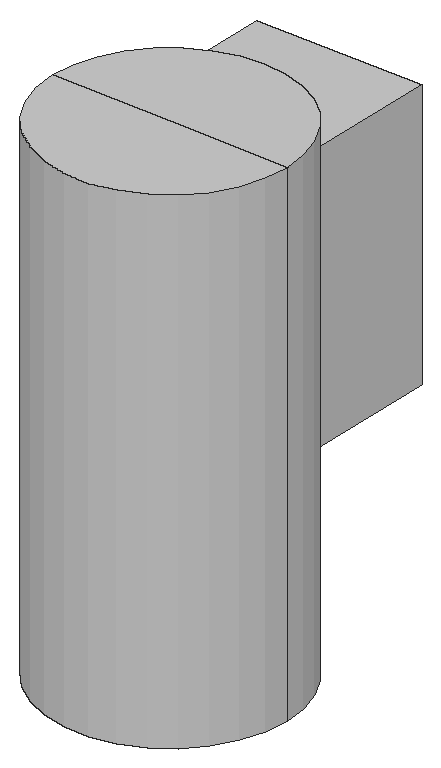
Revit family "WALL SINGLE TUBE 01_AM10W.1.15", category Luminarias, Revit 2019
Family settings
  Cota de conector redondo = Diámetro de uso
  Tipo de pieza = Normal
  Se basa en plano de trabajo = Sí
  Siempre vertical = No
  Corte con vacíos al cargar = No
  Origen de luz = Sí
  Compartido = No
  Punto de cálculo de habitación = No
Parameters (values of type "WALL SINGLE TUBE 01_AM10W.1.15")
  Ángulo de inclinación = 60.00°
  Zone [instance] = ""
  Watt per fixture = 13.1
  Wattage = 13.1 W
  built-in parameter 1150107 = 3000 (stored number, unit not read)
  built-in parameter 1150110 = 1 (stored number, unit not read)
  built-in parameter 1150109 = 1 (stored number, unit not read)
  built-in parameter 1150112 = 1 (stored number, unit not read)
  built-in parameter 1150113 = 1 (stored number, unit not read)
  built-in parameter 1114218 = 1 (stored number, unit not read)
  Keynote = ""
  built-in parameter 1150137 = (empty or 0)
  built-in parameter 1150132 = (empty or 0)
  Modelo = "AM10W.1.15"
  Lámpara = "NICHIA"
  built-in parameter 1150105 = 93.103 (stored number, unit not read)
  built-in parameter 1150102 = (empty or 0)
  built-in parameter 1150106 = 0.93103 (stored number, unit not read)
  Lumens = 1169.96 lm
  Color Filter = 16777215
  built-in parameter 1114217 = 1 (stored number, unit not read)
  built-in parameter 1150139 = (empty or 0)
  Fabricante = "BRILLANT"
  Default Elevation = 0 mm
  built-in parameter 1150104 = 8.2972 (stored number, unit not read)
  Descripción = "LUMINARIA DIRIGIBLE EN FORMA TUBULAR TIPO ARBOTANTE, DE MATERIAL EN ALEACION DE ALUMINIO EXTRUIDO CON UN PESO DE 1.2KG, CON 1 LED TIPO NICHIA CON UNA POTENCIA TOTAL DE 13.1W, 1170 LUMENES, TEMPERATURA EN BLANCO CALIDO 3000K, IRC 80, IP 65, IK10, APERTURA DE 15 GRADOS POR PROYECTO, CORRIENTE DE OPERACIÓN 112mA, CABLE DE 0.3M, ALIMENTADO A 100-277VAC"
  built-in parameter 1150115 = 1 (stored number, unit not read)
  built-in parameter 1150114 = 1 (stored number, unit not read)
  Comentarios de vataje = "100-277V"
  built-in parameter 1150138 = (empty or 0)
  built-in parameter 1150134 = (empty or 0)
  Circuit [instance] = ""
  Dimming Lamp Color Temperature Shift = (empty or 0)
  Archivo de red fotométrica = "AM10W.1_15º.IES"
  built-in parameter 1150133 = 10 (stored number, unit not read)
Reference planes
  plane 1 "Centro (Frontal/Posterior)": y = 0
  plane 2: z = 0
  plane 3 "Centro (Izquierda/Derecha)": x = 0
Forms (mm)
  Revolve 1, solid, material "Cristal", not visible
    sketch origin (-152, 0, 0) x (0, 1, 0) y (0, 0, -1)
      loop
        line (0, -8.749) -> (0, -7.25) -> (-1.499, -7.25)
        arc (-1.499, -7.25) -> (-1.06, -8.31) -> (0, -8.749) r 1.499
      axis (0, -7.25) -> (-1.499, -7.25)
    angle from 0 to 360
  Revolve 2, solid, material "Cristal", not visible
    sketch origin (-136, 0, 0) x (0, 1, 0) y (0, 0, -1)
      loop
        line (0, -8.749) -> (0, -7.25) -> (-1.499, -7.25)
        arc (-1.499, -7.25) -> (-1.06, -8.31) -> (0, -8.749) r 1.499
      axis (0, -7.25) -> (-1.499, -7.25)
    angle from 0 to 360
  Revolve 3, solid, material "Cristal", not visible
    sketch origin (-120, 0, 0) x (0, 1, 0) y (0, 0, -1)
      loop
        line (0, -8.749) -> (0, -7.25) -> (-1.499, -7.25)
        arc (-1.499, -7.25) -> (-1.06, -8.31) -> (0, -8.749) r 1.499
      axis (0, -7.25) -> (-1.499, -7.25)
    angle from 0 to 360
  Revolve 4, solid, material "Cristal", not visible
    sketch origin (-104, 0, 0) x (0, 1, 0) y (0, 0, -1)
      loop
        line (0, -8.749) -> (0, -7.25) -> (-1.499, -7.25)
        arc (-1.499, -7.25) -> (-1.06, -8.31) -> (0, -8.749) r 1.499
      axis (0, -7.25) -> (-1.499, -7.25)
    angle from 0 to 360
  Revolve 5, solid, material "Cristal", not visible
    sketch origin (-88, 0, 0) x (0, 1, 0) y (0, 0, -1)
      loop
        line (0, -8.749) -> (0, -7.25) -> (-1.499, -7.25)
        arc (-1.499, -7.25) -> (-1.06, -8.31) -> (0, -8.749) r 1.499
      axis (0, -7.25) -> (-1.499, -7.25)
    angle from 0 to 360
  Revolve 6, solid, material "Cristal", not visible
    sketch origin (-72, 0, 0) x (0, 1, 0) y (0, 0, -1)
      loop
        line (0, -8.749) -> (0, -7.25) -> (-1.499, -7.25)
        arc (-1.499, -7.25) -> (-1.06, -8.31) -> (0, -8.749) r 1.499
      axis (0, -7.25) -> (-1.499, -7.25)
    angle from 0 to 360
  Revolve 7, solid, material "Cristal", not visible
    sketch origin (-56, 0, 0) x (0, 1, 0) y (0, 0, -1)
      loop
        line (0, -8.749) -> (0, -7.25) -> (-1.499, -7.25)
        arc (-1.499, -7.25) -> (-1.06, -8.31) -> (0, -8.749) r 1.499
      axis (0, -7.25) -> (-1.499, -7.25)
    angle from 0 to 360
  Revolve 8, solid, material "Cristal", not visible
    sketch origin (-40, 0, 0) x (0, 1, 0) y (0, 0, -1)
      loop
        line (0, -8.749) -> (0, -7.25) -> (-1.499, -7.25)
        arc (-1.499, -7.25) -> (-1.06, -8.31) -> (0, -8.749) r 1.499
      axis (0, -7.25) -> (-1.499, -7.25)
    angle from 0 to 360
  Revolve 9, solid, material "Cristal", not visible
    sketch origin (-24, 0, 0) x (0, 1, 0) y (0, 0, -1)
      loop
        line (0, -8.749) -> (0, -7.25) -> (-1.499, -7.25)
        arc (-1.499, -7.25) -> (-1.06, -8.31) -> (0, -8.749) r 1.499
      axis (0, -7.25) -> (-1.499, -7.25)
    angle from 0 to 360
  Revolve 10, solid, material "Cristal", not visible
    sketch origin (-8, 0, 0) x (0, 1, 0) y (0, 0, -1)
      loop
        line (0, -8.749) -> (0, -7.25) -> (-1.499, -7.25)
        arc (-1.499, -7.25) -> (-1.06, -8.31) -> (0, -8.749) r 1.499
      axis (0, -7.25) -> (-1.499, -7.25)
    angle from 0 to 360
  Revolve 11, solid, material "Cristal", not visible
    sketch origin (8, 0, 0) x (0, 1, 0) y (0, 0, -1)
      loop
        line (0, -8.749) -> (0, -7.25) -> (-1.499, -7.25)
        arc (-1.499, -7.25) -> (-1.06, -8.31) -> (0, -8.749) r 1.499
      axis (0, -7.25) -> (-1.499, -7.25)
    angle from 0 to 360
  Revolve 12, solid, material "Cristal", not visible
    sketch origin (24, 0, 0) x (0, 1, 0) y (0, 0, -1)
      loop
        line (0, -8.749) -> (0, -7.25) -> (-1.499, -7.25)
        arc (-1.499, -7.25) -> (-1.06, -8.31) -> (0, -8.749) r 1.499
      axis (0, -7.25) -> (-1.499, -7.25)
    angle from 0 to 360
  Revolve 13, solid, material "Cristal", not visible
    sketch origin (40, 0, 0) x (0, 1, 0) y (0, 0, -1)
      loop
        line (0, -8.749) -> (0, -7.25) -> (-1.499, -7.25)
        arc (-1.499, -7.25) -> (-1.06, -8.31) -> (0, -8.749) r 1.499
      axis (0, -7.25) -> (-1.499, -7.25)
    angle from 0 to 360
  Revolve 14, solid, material "Cristal", not visible
    sketch origin (56, 0, 0) x (0, 1, 0) y (0, 0, -1)
      loop
        line (0, -8.749) -> (0, -7.25) -> (-1.499, -7.25)
        arc (-1.499, -7.25) -> (-1.06, -8.31) -> (0, -8.749) r 1.499
      axis (0, -7.25) -> (-1.499, -7.25)
    angle from 0 to 360
  Revolve 15, solid, material "Cristal", not visible
    sketch origin (72, 0, 0) x (0, 1, 0) y (0, 0, -1)
      loop
        line (0, -8.749) -> (0, -7.25) -> (-1.499, -7.25)
        arc (-1.499, -7.25) -> (-1.06, -8.31) -> (0, -8.749) r 1.499
      axis (0, -7.25) -> (-1.499, -7.25)
    angle from 0 to 360
  Revolve 16, solid, material "Cristal", not visible
    sketch origin (88, 0, 0) x (0, 1, 0) y (0, 0, -1)
      loop
        line (0, -8.749) -> (0, -7.25) -> (-1.499, -7.25)
        arc (-1.499, -7.25) -> (-1.06, -8.31) -> (0, -8.749) r 1.499
      axis (0, -7.25) -> (-1.499, -7.25)
    angle from 0 to 360
  Revolve 17, solid, material "Cristal", not visible
    sketch origin (104, 0, 0) x (0, 1, 0) y (0, 0, -1)
      loop
        line (0, -8.749) -> (0, -7.25) -> (-1.499, -7.25)
        arc (-1.499, -7.25) -> (-1.06, -8.31) -> (0, -8.749) r 1.499
      axis (0, -7.25) -> (-1.499, -7.25)
    angle from 0 to 360
  Revolve 18, solid, material "Cristal", not visible
    sketch origin (120, 0, 0) x (0, 1, 0) y (0, 0, -1)
      loop
        line (0, -8.749) -> (0, -7.25) -> (-1.499, -7.25)
        arc (-1.499, -7.25) -> (-1.06, -8.31) -> (0, -8.749) r 1.499
      axis (0, -7.25) -> (-1.499, -7.25)
    angle from 0 to 360
  Revolve 19, solid, material "Cristal", not visible
    sketch origin (136, 0, 0) x (0, 1, 0) y (0, 0, -1)
      loop
        line (0, -8.749) -> (0, -7.25) -> (-1.499, -7.25)
        arc (-1.499, -7.25) -> (-1.06, -8.31) -> (0, -8.749) r 1.499
      axis (0, -7.25) -> (-1.499, -7.25)
    angle from 0 to 360
  Revolve 20, solid, material "Cristal", not visible
    sketch origin (152, 0, 0) x (0, 1, 0) y (0, 0, -1)
      loop
        line (0, -8.749) -> (0, -7.25) -> (-1.499, -7.25)
        arc (-1.499, -7.25) -> (-1.06, -8.31) -> (0, -8.749) r 1.499
      axis (0, -7.25) -> (-1.499, -7.25)
    angle from 0 to 360
  Revolve 21, solid, material "Acero Inoxidable"
    sketch origin (0, -72, 120.325) x (-1, 0, 0) y (0, 0, 1)
      loop
        line (0, 48.675) -> (-40, 48.675) -> (-40, -120.325) -> (-39.2, -120.325) -> (-39.2, -119.441) -> (-38.399, -119.441) -> (-38.399, -120.325) -> (-33.59, -120.325) -> (-33.59, -119.453)
        arc (-33.59, -119.453) -> (-23.278, -112.244) -> (-11.124, -108.997) r 36.226
        line (-11.124, -108.997) -> (0, -108.997) -> (0, 48.675)
      axis (0, 48.675) -> (0, -120.325)
    angle from 0 to 360
  Extrusion 22, solid, material "Cristal"
    sketch origin (0, 19.494, 0) x (1, 0, 0) y (0, 1, 0)
      loop
        circle (0, -91.494) r 33.59
    from 0 to 0.872
  Extrusion 23, solid, material "Acero Inoxidable"
    sketch origin (0, 0, 0) x (1, 0, 0) y (0, 1, 0)
      loop
        line (-28, 0) -> (-28, -43.434)
        arc (-28, -43.434) -> (0, -32) -> (28, -43.434) r 40
        line (28, -43.434) -> (28, 0) -> (-28, 0)
    from 66.772 to 158.395
  Extrusion 24, void
    sketch origin (0, 0, 0) x (1, 0, 0) y (0, 1, 0)
      loop
        circle (0, -35.958) r 1.283
      loop
        circle (0, -108.042) r 1.283
      loop
        circle (36.019, -72) r 1.283
      loop
        circle (-36.019, -72) r 1.283
    from 0 to 1.671
  Extrusion 25, solid, material "Acero Inoxidable"
    sketch origin (0, 0, 0) x (1, 0, 0) y (0, 1, 0)
      loop
        circle (0, -35.958) r 1.084
      loop
        line (-0.79, -35.958) -> (-0.395, -36.642) -> (0.395, -36.642) -> (0.79, -35.958) -> (0.395, -35.274) -> (-0.395, -35.274) -> (-0.79, -35.958)
      loop
        circle (36.019, -72) r 1.084
      loop
        line (35.229, -72) -> (35.624, -72.684) -> (36.414, -72.684) -> (36.809, -72) -> (36.414, -71.316) -> (35.624, -71.316) -> (35.229, -72)
      loop
        circle (-0.023, -108.042) r 1.084
      loop
        line (-0.813, -108.042) -> (-0.418, -108.726) -> (0.372, -108.726) -> (0.767, -108.042) -> (0.372, -107.358) -> (-0.418, -107.358) -> (-0.813, -108.042)
      loop
        circle (-36.019, -72) r 1.084
      loop
        line (-36.809, -72) -> (-36.414, -72.684) -> (-35.624, -72.684) -> (-35.229, -72) -> (-35.624, -71.316) -> (-36.414, -71.316) -> (-36.809, -72)
    from 0 to 1.671
  Extrusion 26, void
    sketch origin (0, 0, 0) x (1, 0, 0) y (0, 1, 0)
      loop
        circle (-14.364, -17.208) r 3.469
      loop
        circle (14.364, -17.208) r 3.469
    from 66.772 to 70.128
  Extrusion 27, solid, material "Aluminio"
    sketch origin (0, 0, 0) x (1, 0, 0) y (0, 1, 0)
      loop
        circle (-14.364, -17.208) r 3.271
      loop
        line (-16.787, -16.804) -> (-16.787, -17.613) -> (-14.764, -17.613) -> (-14.764, -19.632) -> (-13.964, -19.632) -> (-13.964, -17.613) -> (-11.941, -17.613) -> (-11.941, -16.804) -> (-13.964, -16.804) -> (-13.964, -14.785) -> (-14.764, -14.785) -> (-14.764, -16.804) -> (-16.787, -16.804)
      loop
        circle (14.364, -17.208) r 3.271
      loop
        line (11.941, -16.804) -> (11.941, -17.613) -> (13.964, -17.613) -> (13.964, -19.632) -> (14.764, -19.632) -> (14.764, -17.613) -> (16.787, -17.613) -> (16.787, -16.804) -> (14.764, -16.804) -> (14.764, -14.785) -> (13.964, -14.785) -> (13.964, -16.804) -> (11.941, -16.804)
    from 66.772 to 70.128
Cuts and joins
  Extrusion 24 cuts Revolve 21
  Extrusion 26 cuts Extrusion 23
Lines and regions (mm)
  model lines
    curve 1: line (0, 0, 0) -> (0, -112, 0)
Dimensions and locks
  equal spacing: Extrusion 23 sketch curve, plane 3 "Centro (Izquierda/Derecha)", Extrusion 23 sketch curve
  Extrusion 23 sketch curve to plane 3 "Centro (Izquierda/Derecha)" = 28 mm
  Extrusion 23 sketch curve to Extrusion 23 sketch curve = 56 mm
  Extrusion 23 to Extrusion 23 = 56 mm
  Extrusion 23 to Extrusion 23 = 91.623 mm
  aligned and locked: level to plane 2
  aligned and locked: Extrusion 22 to level
Connectors
  electrical at (0, 0, 112.583)
    settings: on cut or joined group of Extrusion 23, Extrusion 26, index 1, voltage 277 V, apparent load 0 VA, apparent load phase1 0 VA, apparent load phase2 0 VA, apparent load phase3 0 VA, power factor 1, load classification "Otro", number of poles 1, system type 31, power factor state 1, is connector primary yes, connector utility no, sub classification motor no, connector description ""
